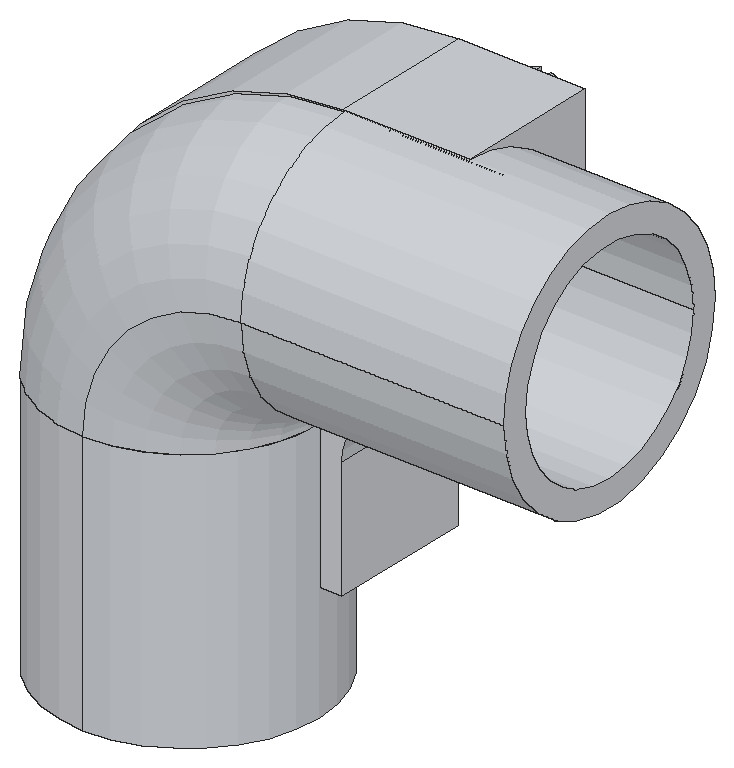
Revit family "PIE20B", category Generic Models, Revit 2017
Family settings
  Can host rebar = No
  Round Connector Dimension = Use Diameter
  Part Type = Normal
  Work Plane-Based = Yes
  Always vertical = No
  Cut with Voids When Loaded = No
  Shared = No
  Room Calculation Point = No
Parameters (values of type "NBS Standard Parameters")
  Weight = "0.031Kg"
  WarrantyStartDate [instance] = "1900-12-31T23:59:59"
  WarrantyGuarantorParts = "n/a"
  WarrantyGuarantorLabor = "n/a"
  WarrantyDurationUnit = "1 year"
  WarrantyDurationParts = "n/a"
  WarrantyDurationLabor = "n/a"
  WarrantyDescription = "n/a"
  Version = "1"
  Uniclass2 = "Pr_65_70_11_20"
  TagNumber [instance] = "n/a"
  SustainabilityPerformance = "n/a"
  Size = "20mm"
  Shape = "n/a"
  SerialNumber [instance] = "n/a"
  Revision = "n/a"
  ReplacementCost = "n/a"
  ProductInformation = "www.metpro.co.uk/pdf/pie20w.pdf"
  NominalWidth = 60 mm
  NominalLength = 60 mm
  NominalHeight = 30 mm
  Name = ""
  NBSTypeID = ""
  NBSReference = "90-55-10/460"
  NBSOfficeMasterTag = ""
  NBSNote = ""
  NBSDescription = "Conduit Fittings"
  NBSCertification = ""
  ModelReference = "PIE20B"
  ModelNumber = "n/a"
  Material = "PVC"
  ManufacturerURL = "www.metpro.co.uk"
  ManufacturerName = "Metpro Ltd"
  Keynote = "Manufactured to BS4607 Part 1"
  InstallationDate [instance] = "1900-12-31T23:59:59"
  IfcExportType = ""
  IfcExportAs = ""
  Grade = "n/a"
  Finish = "Black"
  Features = "n/a"
  ExpectedLife = "n/a"
  DurationUnit = "year"
  Description = "PIE20B - PVC 20mm Conduit Inspection Elbow"
  Default Elevation = 1219.2 mm
  Constituents = "n/a"
  Color = "n/a"
  CodePerformance = "n/a"
  Category = "n/a"
  BarCode [instance] = "n/a"
  BIMObjectName = "Metpro_Metprolibrary_Conduitfittings_PVCcomponents_accessory"
  Author = "Metpro Ltd"
  AssetType = ""
  AssetIdentifier [instance] = "n/a"
  AccessibilityPerformance = "n/a"
Reference planes
  plane 1 "Center (Front/Back)": y = 0
  plane 2: z = 0
  plane 3 "Center (Left/Right)": x = 0
Forms (mm)
  Extrusion 1, solid
    sketch origin (-75.996, 24.803, 33.272) x (1, 0, 0) y (0, 0, 1)
      loop
        line (31.967, 31.228) -> (19.937, 31.228)
        arc (19.937, 31.228) -> (0.69, 23.256) -> (-7.282, 4.009) r 27.218
        line (-7.282, 4.009) -> (-7.282, -10.196) -> (19.858, -10.196) -> (19.858, 1.228)
        arc (19.858, 1.228) -> (21.322, 4.763) -> (24.858, 6.228) r 5
        line (24.858, 6.228) -> (31.967, 6.228) -> (31.967, 31.228)
    from -13.724 to 0
  Sweep 2, solid
    path origin (-75.996, 24.803, 33.272) x (1, 0, 0) y (0, 0, 1)
      loop
        line (45.245, 18.728) -> (20.245, 18.728)
        arc (20.245, 18.728) -> (9.638, 14.334) -> (5.245, 3.728) r 15
        line (5.245, 3.728) -> (5.245, -21.272)
    profile origin (-43.251, 24.803, 52) x (0, 0, -1) y (0, -1, 0)
      loop
        circle (0, 0) r 12.5
      loop
        circle (0, 0) r 10
  Sweep 3, void
    path origin (-75.996, 24.803, 33.272) x (1, 0, 0) y (0, 0, 1)
      loop
        line (45.245, 18.728) -> (17.75, 18.728)
        arc (17.75, 18.728) -> (8.907, 15.065) -> (5.245, 6.223) r 12.505
        line (5.245, 6.223) -> (5.245, -26.272)
    profile origin (-44.499, 24.803, 52) x (0, 0, -1) y (0, -1, 0)
      loop
        circle (0, 0) r 10
  Extrusion 4, solid
    sketch origin (-75.996, 38.527, 33.272) x (-1, 0, 0) y (0, 0, 1)
      loop
        circle (-26.802, 28.21) r 2.266
      loop
        circle (4.288, -6.57) r 2.262
    from 0 to 1.526
  Extrusion 5, void
    sketch origin (-75.996, 38.527, 33.272) x (1, 0, 0) y (0, 0, 1)
      loop
        line (27.517, 30.866) -> (26.517, 30.866) -> (26.517, 24.2) -> (27.517, 24.2) -> (27.517, 30.866)
      loop
        line (-3.778, -4.143) -> (-4.649, -4.143) -> (-4.649, -10.565) -> (-3.778, -10.565) -> (-3.778, -4.143)
    from -0.869 to -1.933
Cuts and joins
  Sweep 3 cuts Extrusion 1
  Extrusion 5 cuts Sweep 2
  Extrusion 5 cuts Extrusion 4
Dimensions and locks
  aligned and locked: level to plane 2
